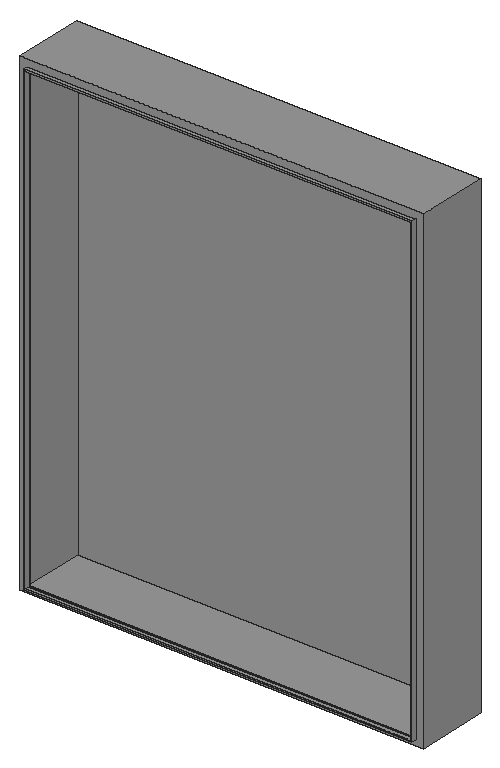
Revit family "Hager-Univers-IP30-D160-Cl.II-FWQ-encl-NoHosted-AT-de", category Equipement électrique, Revit 2020
Family settings
  Configuration du panneau = Deux colonnes, circuits au sein
  Cote de connecteur circulaire = Utiliser le diamètre
  Type d'élément = Tableau de raccordement
  Basée sur le plan de construction = Oui
  Toujours verticalement = Oui
  Couper avec des vides une fois chargée = Non
  Partagée = Non
  Point de calcul de pièce = Non
Parameters (values of type "Aufputz IP30 B800 H950 T160  - FWQ63D1")
  Width Control [instance] = if([EF000008 - Breite] > Min Width, [EF000008 - Breite], Min Width)  # 800 mm
  Commentaires du type = [HG000003 - Bereich]  # "Univers"
  Thickness Door [instance] = if([EF009171 - Materialstärke Tür/Deckel] > 3 mm, 3 mm, [EF009171 - Materialstärke Tür/Deckel])  # 2 mm
  Seal Frame Offset [instance] = 17 mm  # constant formula
  Plinth Visibility [instance] = [HG000027 - Sockelhöhe] > 0 mm  # no
  Min Width [instance] = 100 mm  # constant formula
  Min Depth [instance] = (2 * [EF009170 - Materialstärke Gehäuse]) + 1 mm  # 5 mm
  Min Height [instance] = 100 mm  # constant formula
  Internal Frame Depth [instance] = (Door System Depth * 0.5)  # 9 mm
  Panel Name [instance] = ""  # (empty or 0)
  Model = ""
  HG000027 - Sockelhöhe = 0 mm
  HG000026 - Stehend auf dem Boden = no
  HG000024 - Höhe des unteren Teils = 600 mm
  HG000023 - Gehäuse mit doppeltem Querschnitt = no
  HG000016 - 3D-Türsichtbarkeit [instance] = yes
  HG000015 - Sichtbarkeit der Türöffnung [instance] = no
  HG000014 - Tür rechts [instance] = yes
  HG000013 - Tür links [instance] = not([HG000014 - Tür rechts])  # no
  HG000012 - Türschwenkwinkel [instance] = 30.00°
  HG000010 - Asymmetrische Türen = no
  HG000009 - Doppelflügeligen Tür = no
  HG000006 - Unterputz = no
  HG000004 - Herstellerreferenz = "FWQ63D1"
  HG000003 - Bereich = "Univers"
  HG000002 - Mit tür = no
  Frame Offset Bottom [instance] = 10 mm  # constant formula
  Frame Offset [instance] = 15 mm  # constant formula
  EF015940 - Deckel mit Überdruckentlastung = no
  EF011959 - Schutzart (NEMA) = ""
  EF009554 - Anzahl der Öffnungen für Flanschplatten = 6
  EF009212 - Ausführung Deckel = "EV009916 - mit Ausschnitt"
  EF009171 - Materialstärke Tür/Deckel = 2 mm
  EF009170 - Materialstärke Gehäuse = 2 mm
  EF008873 - Nennstrom (In) = 125 A
  EF007800 - Geeignet für Blitzschutz = no
  EF006306 - Mit Schloss = no
  EF006244 - Transparenter Deckel/Tür = no
  EF005474 - Schutzart (IP) = "EV006410 - IP30"
  EF004464 - Art der Tür = "EV002646 - Einzel"
  EF004427 - Anzahl der Module = 216
  EF004293 - Schlagfestigkeit = ""
  EF003532 - Geeignet für Außengebrauch = no
  EF002950 - Breite in Teilungseinheiten = 36
  EF001613 - Funktionserhalt = "EV000494 - ohne"
  EF001596 - Werkstoff des Gehäuses = "EV000179 - Stahl"
  EF001131 - Innentiefe = 160 mm
  EF001088 - Anbaumöglichkeit = yes
  EF000437 - Anzahl der Leitungseinführungen = 12
  EF000339 - Art der Abdeckung = "EV001012 - Deckel"
  EF000266 - Anzahl der Reihen = 18
  EF000218 - Einbautiefe = 0 mm
  EF000118 - Mit Montageplatte = yes
  EF000116 - RAL-Nummer = "9010"
  EF000049 - Tiefe = 160 mm
  EF000040 - Höhe = 950 mm
  EF000008 - Breite = 800 mm
  EF000007 - Farbe = "EV000202 - weiß"
  EF000003 - Montageart = "EV000384 - Aufputz"
  Door System Leaf Tolerance [instance] = 1.5 mm  # constant formula
  Door System Depth [instance] = 18 mm  # constant formula
  Door Height [instance] = Height Control - [HG000027 - Sockelhöhe]  # 950 mm
  Description = ""
  Default Elevation = 1219.2 mm
  Connector Offset [instance] = Height Control / 2  # 475 mm
  Fabricant = "Hager"  # constant formula
  Height Control [instance] = if([EF000040 - Höhe] > Min Height, [EF000040 - Höhe], Min Height)  # 950 mm
  Depth Control [instance] = if([EF000049 - Tiefe] > Min Depth, [EF000049 - Tiefe], Min Depth)  # 160 mm
  Bottom Top Plate Trim [instance] = 1.5 mm  # constant formula
  Plinth height Ctrl [instance] = if([HG000027 - Sockelhöhe] > 0 mm, [HG000027 - Sockelhöhe], 12 mm)  # 12 mm
Types (13, lengths in mm): name | Width Control | HG000004 - Herstellerreferenz | EF009554 - Anzahl der Öffnungen für Flanschplatten | EF004464 - Art der Tür | EF004427 - Anzahl der Module | EF004293 - Schlagfestigkeit | EF002950 - Breite in Teilungseinheiten | EF001131 - Innentiefe | EF000437 - Anzahl der Leitungseinführungen | EF000339 - Art der Abdeckung | EF000266 - Anzahl der Reihen | EF000118 - Mit Montageplatte | EF000040 - Höhe | EF000008 - Breite | Door Height | Connector Offset | Height Control
  Aufputz IP30 B1050 H650 T160  - FWQ34D1 | 1050 | "FWQ34D1" | 8 | "EV002646 - Einzel" | 192 | "EV006815 - IK09" | 48 | 160 | 16 | "EV001012 - Deckel" | 16 | yes | 650 | 1050 | 650 | 325 | 650
  Aufputz IP30 B1050 H650 T160  - FWQ44D1 | 1050 | "FWQ44D1" | 8 | "EV002646 - Einzel" | 192 | "" | 48 | 160 | 16 | "EV001012 - Deckel" | 16 | yes | 650 | 1050 | 650 | 325 | 650
  Aufputz IP30 B1050 H800 T160  - FWQ54D1 | 1050 | "FWQ54D1" | 8 | "EV002646 - Einzel" | 240 | "" | 48 | 160 | 16 | "EV001012 - Deckel" | 20 | yes | 800 | 1050 | 800 | 400 | 800
  Aufputz IP30 B300 H650 T160  - FWQ41D1 | 300 | "FWQ41D1" | 2 | "EV002646 - Einzel" | 48 | "" | 12 | 160 | 4 | "EV001012 - Deckel" | 4 | yes | 650 | 300 | 650 | 325 | 650
  Aufputz IP30 B300 H950 T160  - FWQ61D1 | 300 | "FWQ61D1" | 2 | "EV002646 - Einzel" | 72 | "" | 12 | 160 | 4 | "EV001012 - Deckel" | 6 | yes | 950 | 300 | 950 | 475 | 950
  Aufputz IP30 B550 H1100 T160  - FWQ72D1 | 550 | "FWQ72D1" | 4 | "EV002646 - Einzel" | 168 | "" | 12 | 160 | 8 | "EV001012 - Deckel" | 14 | yes | 1100 | 550 | 1100 | 550 | 1100
  Aufputz IP30 B550 H650 T160  - FWQ42D1 | 550 | "FWQ42D1" | 4 | "EV002646 - Einzel" | 96 | "" | 24 | 160 | 8 | "EV001012 - Deckel" | 8 | yes | 650 | 550 | 650 | 325 | 650
  Aufputz IP30 B550 H800 T160  - FWQ52D1 | 550 | "FWQ52D1" | 4 | "EV002646 - Einzel" | 120 | "" | 24 | 160 | 8 | "EV001012 - Deckel" | 10 | yes | 800 | 550 | 800 | 400 | 800
  Aufputz IP30 B550 H950 T160  - FWQ62D1 | 550 | "FWQ62D1" | 4 | "EV002646 - Einzel" | 144 | "" | 24 | 160 | 8 | "EV001012 - Deckel" | 12 | yes | 950 | 550 | 950 | 475 | 950
  Aufputz IP30 B800 H500 T160  - FWQ33D1 | 800 | "FWQ33D1" | 6 | "EV000494 - ohne" | 108 | "" | 36 | 156 | 12 | "EV000494 - ohne" | 9 | no | 500 | 800 | 500 | 250 | 500
  Aufputz IP30 B800 H650 T160  - FWQ43D1 | 800 | "FWQ43D1" | 6 | "EV002646 - Einzel" | 144 | "" | 36 | 160 | 12 | "EV001012 - Deckel" | 12 | yes | 650 | 800 | 650 | 325 | 650
  Aufputz IP30 B800 H800 T160  - FWQ53D1 | 800 | "FWQ53D1" | 6 | "EV002646 - Einzel" | 180 | "" | 36 | 160 | 12 | "EV001012 - Deckel" | 15 | yes | 800 | 800 | 800 | 400 | 800
  Aufputz IP30 B800 H950 T160  - FWQ63D1 | 800 | "FWQ63D1" | 6 | "EV002646 - Einzel" | 216 | "" | 36 | 160 | 12 | "EV001012 - Deckel" | 18 | yes | 950 | 800 | 950 | 475 | 950
Reference planes
  plane 1 "Center (Front/Back)": y = 0
  plane 2: z = 0
  plane 3 "Center (Left/Right)": x = 0
  plane 4: y = 0
  plane 5: y = 0
  plane 6: z = 0
  plane 7: x = -400
  plane 8: x = 400
  plane 9: x = 398
  plane 10: x = -398
  plane 11: z = 0
  plane 12: z = 2
  plane 13: y = -160
  plane 14: y = -2
  plane 15: x = 0
  plane 16: y = -142
  plane 17: y = -158
  plane 18: y = -140
  plane 19: x = -383
  plane 20: x = 383
  plane 21: z = 12
  plane 22: x = -383
  plane 23: x = 383
  plane 24: z = 0
  plane 25: z = 950
  plane 26: z = 950
  plane 27: z = 933
  plane 28: z = 948
Forms (mm)
  Extrusion 1, solid, material "Hager_Steel_RAL7035_Light_Grey", detail levels medium+fine
    sketch origin (-208.679, -4572, 0) x (-1, 0, 0) y (0, -1, 0)
      loop
        line (191.321, -4430) -> (-608.679, -4430) -> (-608.679, -4572) -> (191.321, -4572) -> (191.321, -4430)
    from 0 to 950
  Extrusion 2, void
    sketch origin (-350.771, -160, 1219.2) x (1, 0, 0) y (0, 0, 1)
      loop
        line (-47.229, -271.2) -> (-47.229, -1217.2) -> (748.771, -1217.2) -> (748.771, -271.2) -> (-47.229, -271.2)
    from -20 to -158
  Extrusion 3, void
    sketch origin (-290.084, -142, 1219.2) x (1, 0, 0) y (0, 0, 1)
      loop
        line (-92.916, -1207.2) -> (673.084, -1207.2) -> (673.084, -286.2) -> (-92.916, -286.2) -> (-92.916, -1207.2)
    from 0 to -2
  Extrusion 4, solid, material "Hager_Steel_RAL7035_Light_Grey", visible <- "Plinth Visibility", detail levels medium+fine
    sketch origin (0, 0, 0) x (1, 0, 0) y (0, 1, 0)
      loop
        line (-400, 0) -> (-400, -142) -> (400, -142) -> (400, 0) -> (-400, 0)
    from 0 to 12 <- "Plinth height Ctrl"
  Extrusion 5, solid, material "Hager_Steel_RAL7035_Light_Grey", detail levels coarse
    sketch origin (0, 0, 0) x (1, 0, 0) y (0, 1, 0)
      loop
        line (-400, 0) -> (-400, -160) -> (400, -160) -> (400, 0) -> (-400, 0)
    from 0 to 950 <- "Height Control"
  Sweep 6, void
    path in 3D
      loop
        line (-400, -142, 12) -> (400, -142, 12) -> (400, 0, 12) -> (-400, 0, 12) -> (-400, -142, 12)
    profile origin (-400, -71, 12) x (1, 0, 0) y (0, 0, 1)
      loop
        line (0, 0) -> (0, -1.5) -> (1.5, -1.5)
        arc (1.5, -1.5) -> (1.061, -0.439) -> (0, 0) r 1.5
  Extrusion 7, solid, material "Hager_Steel_RAL7035_Light_Grey", detail levels fine
    sketch origin (-400, -142, 0) x (1, 0, 0) y (0, 0, 1)
      loop
        line (17, 12) -> (783, 12) -> (783, 933) -> (17, 933) -> (17, 12)
      loop
        line (15, 10) -> (785, 10) -> (785, 935) -> (15, 935) -> (15, 10)
    from 0 to 9 <- "Internal Frame Depth"
Cuts and joins
  Extrusion 2, Extrusion 3 cuts Extrusion 1
  Sweep 6 cuts Extrusion 4
Lines and regions (mm)
  Masking region 1
    outline origin (0, 0, 0) x (1, 0, 0) y (0, 1, 0)
      loop
        line (-400, 0) -> (-400, -160) -> (400, -160) -> (400, 0) -> (-400, 0)
  Masking region 2, detail levels coarse
    outline origin (-290.084, -142, 1219.2) x (-1, 0, 0) y (0, 0, 1)
      loop
        line (-690.084, -1219.2) -> (109.916, -1219.2) -> (109.916, -269.2) -> (-690.084, -269.2) -> (-690.084, -1219.2)
  Masking region 3, detail levels coarse
    outline origin (0, 0, 0) x (0, 1, 0) y (0, 0, 1)
      loop
        line (0, 0) -> (0, 950) -> (-160, 950) -> (-160, 0) -> (0, 0)
  Masking region 4, visible <- "Plinth Visibility", detail levels medium+fine
    outline origin (0, 0, 0) x (0, 1, 0) y (0, 0, 1)
      loop
        line (-1.5, 12) -> (-140.5, 12)
        arc (-140.5, 12) -> (-140.939, 10.939) -> (-142, 10.5) r 1.5
        line (-142, 10.5) -> (-142, 0) -> (0, 0) -> (0, 10.5)
        arc (0, 10.5) -> (-1.061, 10.939) -> (-1.5, 12) r 1.5
  Masking region 5, detail levels medium+fine
    outline origin (0, 0, 594.038) x (0, 1, 0) y (0, 0, 1)
      loop
        line (0, -594.038) -> (0, 355.962) -> (-142, 355.962) -> (-142, -594.038) -> (0, -594.038)
  Masking region 6, detail levels medium+fine
    outline origin (-359.7, -142, 1211.883) x (-1, 0, 0) y (0, 0, 1)
      loop
        line (-759.7, -1211.883) -> (40.3, -1211.883) -> (40.3, -261.883) -> (-759.7, -261.883) -> (-759.7, -1211.883)
  Masking region 7, visible <- "Plinth Visibility", detail levels medium+fine
    outline origin (-320.334, -142, 1041.368) x (-1, 0, 0) y (0, 0, 1)
      loop
        line (-720.334, -1041.368) -> (79.666, -1041.368) -> (79.666, -1030.868)
        arc (79.666, -1030.868) -> (78.606, -1030.429) -> (78.166, -1029.368) r 1.5
        line (78.166, -1029.368) -> (-718.834, -1029.368)
        arc (-718.834, -1029.368) -> (-719.273, -1030.429) -> (-720.334, -1030.868) r 1.5
        line (-720.334, -1030.868) -> (-720.334, -1041.368)
  sketch lines
    curve 1: line (-400, 0, 12) -> (-400, -142, 12)
    curve 2: line (-400, -142, 12) -> (400, -142, 12)
    curve 3: line (400, 0, 12) -> (-400, 0, 12)
    curve 4: line (400, -142, 12) -> (400, 0, 12)
Dimensions and locks
  locked: plane 1 "Center (Front/Back)" to plane 5
  "EF009170 - Materialstärke Gehäuse": plane 7 to plane 10
  "EF009170 - Materialstärke Gehäuse": plane 8 to plane 9
  equal spacing: plane 7, plane 3 "Center (Left/Right)", plane 8
  "Width Control": plane 7 to plane 8
  "Depth Control": plane 4 to plane 13
  "EF009170 - Materialstärke Gehäuse": plane 4 to plane 14
  "Height Control": plane 25 to level
  "HG000027 - Sockelhöhe": plane 11 to level
  "EF009170 - Materialstärke Gehäuse": plane 12 to plane 11
  "EF009170 - Materialstärke Gehäuse": plane 17 to plane 13
  "EF009170 - Materialstärke Gehäuse": plane 18 to plane 16
  "Frame Offset Bottom": plane 21 to plane 12
  "Frame Offset": plane 10 to plane 19
  "Frame Offset": plane 9 to plane 20
  "Door System Depth": plane 16 to plane 13
  "Seal Frame Offset": plane 7 to plane 22
  "Seal Frame Offset": plane 8 to plane 23
  "EF009170 - Materialstärke Gehäuse": plane 26 to plane 28
  "Frame Offset": plane 28 to plane 27
  "Connector Offset": plane 2 to connector elem
  "Bottom Top Plate Trim": profile plane to Sweep 6 sketch curve
  "Bottom Top Plate Trim": Sweep 6 sketch curve to Sweep 6 sketch curve
  "Plinth height Ctrl": Masking region 4 sketch curve to level
  "Plinth height Ctrl": Masking region 7 sketch curve to level
  "Thickness Door": Extrusion 7 sketch curve to Extrusion 7 sketch curve  (x4)
  "Bottom Top Plate Trim": radius of Sweep 6 sketch curve
  "Bottom Top Plate Trim": radius of Masking region 4 sketch curve  (x2)
  "Bottom Top Plate Trim": radius of Masking region 7 sketch curve  (x2)
  aligned and locked: Extrusion 2 sketch curve to plane 12
  aligned and locked: Extrusion 2 sketch curve to plane 9
  aligned and locked: Extrusion 2 sketch curve to plane 10
  aligned and locked: Extrusion 2 to plane 14
  aligned and locked: Extrusion 1 sketch curve to plane 4
  aligned and locked: plane 8 to Extrusion 1 sketch curve
  aligned and locked: plane 7 to Extrusion 1 sketch curve
  aligned and locked: Extrusion 2 to plane 18
  aligned and locked: Extrusion 3 sketch curve to plane 19
  aligned and locked: plane 20 to Extrusion 3 sketch curve
  aligned and locked: Extrusion 3 to Extrusion 2
  aligned and locked: Extrusion 3 sketch curve to plane 21
  aligned and locked: plane 3 "Center (Left/Right)" to nested 1
  aligned and locked: Extrusion 1 sketch curve to plane 16
  aligned and locked: Extrusion 4 sketch curve to cut or joined group of Extrusion 1, Extrusion 2, Extrusion 3
  aligned and locked: Masking region 1 sketch curve to plane 7
  aligned and locked: Masking region 1 sketch curve to plane 5
  aligned and locked: Masking region 1 sketch curve to plane 8
  aligned and locked: Masking region 2 sketch curve to level
  aligned and locked: level to Masking region 3 sketch curve
  aligned and locked: plane 1 "Center (Front/Back)" to Masking region 3 sketch curve
  aligned and locked: plane 13 to Masking region 3 sketch curve
  aligned and locked: plane 5 to Masking region 4 sketch curve
  aligned and locked: Masking region 2 sketch curve to plane 8
  aligned and locked: Masking region 2 sketch curve to plane 7
  aligned and locked: plane 7 to nested 2
  aligned and locked: nested 2 to plane 5
  aligned and locked: plane 5 to Masking region 5 sketch curve
  aligned and locked: plane 26 to Masking region 5 sketch curve
  aligned and locked: Extrusion 5 sketch curve to plane 8
  aligned and locked: Extrusion 5 sketch curve to plane 7
  aligned and locked: Extrusion 5 sketch curve to plane 5
  aligned and locked: Extrusion 3 sketch curve to plane 27
  aligned and locked: Extrusion 2 sketch curve to plane 28
  aligned and locked: Masking region 2 to plane 25
  aligned and locked: Extrusion 4 to plane 16
  aligned and locked: profile plane to Sweep 6 sketch curve
  aligned and locked: Masking region 5 sketch curve to plane 24
  aligned and locked: level to Masking region 4 sketch curve
  aligned and locked: Masking region 1 to plane 13
  aligned and locked: nested 1 to plane 16
  aligned and locked: Masking region 3 to plane 25
  aligned and locked: plane 16 to Masking region 4 sketch curve
  aligned and locked: Masking region 5 sketch curve to plane 16
  aligned and locked: plane 24 to plane 11
  aligned and locked: plane 26 to plane 25
  aligned and locked: plane 26 to cut or joined group of Extrusion 1, Extrusion 2, Extrusion 3
  aligned and locked: nested 1 to plane 24
  aligned and locked: Extrusion 1 to Extrusion 3
  aligned and locked: Masking region 6 sketch curve to plane 8
  aligned and locked: Masking region 6 sketch curve to plane 24
  aligned and locked: Masking region 6 sketch curve to plane 7
  aligned and locked: Masking region 6 sketch curve to plane 26
  aligned and locked: Masking region 7 sketch curve to plane 7
  aligned and locked: level to Masking region 7 sketch curve
  aligned and locked: Masking region 7 sketch curve to plane 8
  aligned and locked: Extrusion 7 sketch curve to cut or joined group of Extrusion 1, Extrusion 2, Extrusion 3  (x4)
Automatic sketch dimensions
  plane 19 to Extrusion 3 sketch curve = 0 mm
  Extrusion 3 sketch curve to plane 20 = 0 mm
  Extrusion 3 sketch curve to plane 21 = 0 mm
  Extrusion 4 sketch curve to plane 7 = 0 mm
  Extrusion 4 sketch curve to plane 8 = 0 mm
  Extrusion 4 sketch curve to plane 16 = 0 mm
  Masking region 1 sketch curve to plane 13 = 0 mm
  Masking region 2 sketch curve to plane 25 = 0 mm
  Masking region 3 sketch curve to plane 25 = 0 mm
  Extrusion 5 sketch curve to plane 13 = 0 mm
  profile plane to Sweep 6 sketch curve = 0 mm
Nested families
  nested 1: "EC000058_Univers_Door" at (0, -142, 0), Double <- "HG000009 - Doppelflügeligen Tür", Transparent <- "EF006244 - Transparenter Deckel/Tür", Angle <- "HG000012 - Türschwenkwinkel", Door_Right <- "HG000014 - Tür rechts", Assymetrical <- "HG000010 - Asymmetrische Türen", Door <- "HG000002 - Mit tür", Width_Ctrl <- "Width Control", 3d_Door <- "HG000016 - 3D-Türsichtbarkeit", Clearance <- "HG000015 - Sichtbarkeit der Türöffnung", Door_Left <- "HG000013 - Tür links", Width <- "Width Control", Door_Depth <- "Door System Depth", Leaf_Tolerance <- "Door System Leaf Tolerance", Height <- "Door Height", Lock_Visibility <- "EF006306 - Mit Schloss", Thickness <- "Thickness Door", type "EC000058_Univers_Door", detail levels medium+fine
    with min_wh 5 mm, Width_Ctrl 800 mm, Width 800 mm, Transparent no, Thickness 2 mm, Seal_Material Hager_Rubber, Lock_Visibility no, Lock_Material Hager_Plastic_RAL9005_Jet_Black, Leaf_Width 800 mm, Leaf_Tolerance_External_Sides 0 mm, Leaf_Tolerance 1.5 mm, Leaf_Offset 0 mm, Leaf_Height 947 mm, Leaf_2_Width 800 mm, Leaf_2_Offset 400 mm, Leaf_1_Width 800 mm, Leaf_1_Offset 400 mm, Height_Ctrl 950 mm, Height 950 mm, Glass_Material Hager_Glass, Double_Clearance_Ctrl no, Double no, Door_Right_Ctrl no, Door_Right yes, Door_Material Hager_Steel_RAL7035_Light_Grey, Door_Left_Ctrl no, Door_Left no, Door_Depth 18 mm, Door no, Clearance_Material Hager_Clearance, Clearance_Depth 800 mm, Clearance_Ctrl no, Clearance no, Assymetrical no, Angle 30.00°, 3d_Door yes
  nested 2: "Hager_Enclosure_Symbol" at (-400, 0, 0), Height <- "Depth Control", Width <- "Width Control", type "Hager_Enclosure_Symbol"
    with Width_Ctrl 800 mm, Width 800 mm, Height_Ctrl 160 mm, Height 160 mm, A_Width_Int 10.5 mm, A_Width 126 mm, A_Height_Ctrl 140 mm, A_Height 140 mm
Connectors
  electrical at (0, 0, 475)
    settings: on plane 1 "Center (Front/Back)", index 1, voltage 0 V, apparent load 0 VA, apparent load phase1 0 VA, apparent load phase2 0 VA, apparent load phase3 0 VA, power factor 1, load classification "Other", number of poles 1, system type 30, power factor state 1, is connector primary yes, connector utility no, sub classification motor no, connector description ""
Definition of nested family "EC000058_Univers_Door"
  Parameters (values of type "EC000058_Univers_Door")
    min_wh [instance] = (2 * Thickness) + 1 mm  # 11 mm
    Width_Ctrl [instance] = 400 mm
    Width [instance] = 500 mm
    Transparent [instance] = yes
    Thickness [instance] = 5 mm
    Seal_Material [instance] = none
    Lock_Visibility [instance] = yes
    Lock_Material [instance] = none
    Leaf_Width [instance] = if((Width_Ctrl - 2 * Leaf_Tolerance_External_Sides) > 0 mm, (Width_Ctrl - 2 * Leaf_Tolerance_External_Sides), min_wh)  # 400 mm
    Leaf_Tolerance_External_Sides [instance] = 0 mm  # constant formula
    Leaf_Tolerance [instance] = 1.5 mm
    Leaf_Offset [instance] = 0 mm  # constant formula
    Leaf_Height [instance] = if((Height_Ctrl - 2 * Leaf_Tolerance) > 0 mm, (Height_Ctrl - 2 * Leaf_Tolerance), min_wh)  # 497 mm
    Leaf_2_Width [instance] = if(and(and(Double, Assymetrical), Door_Left), (Leaf_Width / 3) - (Leaf_Tolerance / 2), if(and(and(Double, Assymetrical), Door_Right), (Leaf_Width / 3) * 2 - (Leaf_Tolerance / 2), if(and(Double, not(Assymetrical)), (Leaf_Width / 2) - Leaf_Tolerance, Leaf_Width)))  # 400 mm
    Leaf_2_Offset [instance] = if(and(Double, Assymetrical), Leaf_2_Width / 2, if(and(Double, not(Assymetrical)), Leaf_Width / 4, Leaf_Width / 2))  # 200 mm
    Leaf_1_Width [instance] = if(and(and(Double, Assymetrical), Door_Right), (Leaf_Width / 3) - (Leaf_Tolerance / 2), if(and(and(Double, Assymetrical), Door_Left), (Width / 3) * 2 - (Leaf_Tolerance / 2), if(and(Double, not(Assymetrical)), (Leaf_Width / 2) - Leaf_Tolerance, Leaf_Width)))  # 400 mm
    Leaf_1_Offset [instance] = if(and(Double, Assymetrical), Leaf_1_Width / 2, if(and(Double, not(Assymetrical)), Leaf_Width / 4, Leaf_Width / 2))  # 200 mm
    Height_Ctrl [instance] = if(Height > min_wh, Height, min_wh)  # 500 mm
    Height [instance] = 500 mm
    Glass_Material [instance] = none
    Double_Clearance_Ctrl [instance] = and(Double, Clearance)  # no
    Double [instance] = no
    Door_Right_Ctrl [instance] = and(or(Door_Right, Double), Door)  # yes
    Door_Right [instance] = yes
    Door_Material [instance] = none
    Door_Left_Ctrl [instance] = and(or(Door_Left, Double), Door)  # no
    Door_Left [instance] = no
    Door_Depth [instance] = 30 mm
    Door [instance] = yes
    Default Elevation = 1219.2 mm
    Clearance_Material [instance] = none
    Clearance_Depth [instance] = if(Leaf_1_Width > Leaf_2_Width, Leaf_1_Width, Leaf_2_Width)  # 400 mm
    Clearance_Ctrl [instance] = and(not(Double), Clearance)  # yes
    Clearance [instance] = yes
    Assymetrical [instance] = yes
    Angle [instance] = 30.00°
    3d_Door [instance] = yes
  Reference planes
    plane 1 "Center (Front/Back)": y = 0
    plane 2 "Bottom": z = 0
    plane 3 "Center (Left/Right)": x = 0
    plane 4: z = 500
    plane 5: x = -200
    plane 6: x = 200
    plane 7: z = 500
    plane 8: x = -200
    plane 9: z = 0
    plane 10: x = 200
    plane 11: y = 0
    plane 12: z = 1.5
    plane 13: x = -600
    plane 14: y = -400
    plane 15: x = 600
    plane 16: x = 0
    plane 17: x = 0
    plane 18: x = -200
    plane 19: x = 200
    plane 20: z = 498.5
  Forms (mm)
    Extrusion 1, solid, material <- "Clearance_Material", visible <- "Double_Clearance_Ctrl"
      sketch origin (1200, 0, 0) x (1, 0, 0) y (0, 0, -1)
        loop
          line (-1800, -498.5) -> (-600, -498.5) -> (-600, 0) -> (-1800, 0) -> (-1800, -498.5)
      from 0 to -400
  Dimensions and locks
    equal spacing: plane 5, plane 3 "Center (Left/Right)", plane 6
    "Width_Ctrl": plane 5 to plane 6
    "Leaf_Offset": plane 5 to plane 8
    "Leaf_Offset": plane 6 to plane 10
    "Leaf_Offset": plane 9 to level
    "Leaf_Offset": plane 4 to plane 7
    "Height_Ctrl": plane 4 to level
    "Leaf_Tolerance": plane 12 to plane 9
    locked: plane 11 to plane 1 "Center (Front/Back)"
    "Leaf_1_Offset": plane 18 to plane 16
    "Leaf_2_Offset": plane 17 to plane 19
    "Leaf_1_Width": plane 13 to plane 8
    "Leaf_2_Width": plane 10 to plane 15
    "Clearance_Depth": plane 14 to plane 1 "Center (Front/Back)"
    "Leaf_Tolerance_External_Sides": plane 8 to plane 18
    "Leaf_Tolerance_External_Sides": plane 19 to plane 10
    "Leaf_Tolerance": plane 7 to plane 20
    aligned and locked: level to plane 2 "Bottom"
    aligned and locked: nested 1 to plane 16
    aligned and locked: nested 2 to plane 17
    aligned and locked: Extrusion 1 to plane 13
    aligned and locked: plane 15 to Extrusion 1
    aligned and locked: Extrusion 1 to plane 14
    aligned and locked: plane 12 to nested 1
    aligned and locked: nested 2 to plane 12
    aligned and locked: Extrusion 1 to plane 11
    aligned and locked: plane 20 to Extrusion 1
    aligned and locked: nested 2 to plane 11
    aligned and locked: nested 1 to plane 11
  Automatic sketch dimensions
    Extrusion 1 sketch curve to level = 0 mm
    plane 5 to Extrusion 1 sketch curve = 400 mm
    plane 6 to Extrusion 1 sketch curve = 400 mm
    Extrusion 1 sketch curve to plane 4 = 1.5 mm
  Nested families
    nested 1: "EC000058_Univers_Door_Leaf" at (0, 0, 1.5), Width <- "Leaf_1_Width", visible <- "Door_Left_Ctrl", Leaf_Height <- "Leaf_Height", Angle <- "Angle", 3d_Door <- "3d_Door", Transparent <- "Transparent", Clearance Material <- "Clearance_Material", Clearance <- "Clearance_Ctrl", Door_Material <- "Door_Material", Glass_Material <- "Glass_Material", Door_Depth <- "Door_Depth", Lock_Material <- "Lock_Material", Seal_Material <- "Seal_Material", Lock_Visibility <- "Lock_Visibility", Thickness <- "Thickness", type "EC000058_Univers_Door_Leaf"
      with Width 400 mm, Transparent_Glass_Offset 30 mm, Transparent_Ctrl yes, Transparent yes, Thickness 5 mm, Standard no, Seal_Material none, Seal_D2 8 mm, Seal_D1 1 mm, Offset_Internal_Frame 10 mm, Lock_Width 20 mm, Lock_Visibility_3d yes, Lock_Visibility yes, Lock_Thickness_3 3 mm, Lock_Thickness_2 1 mm, Lock_Thickness_1 3 mm, Lock_Radius_Offset_2 16 mm, Lock_Radius_Offset_1 15 mm, Lock_Radius_2 5 mm, Lock_Radius 6 mm, Lock_Offset 5 mm, Lock_Material none, Lock_Height 80 mm, Lock_Cover_Top_Offset_2d 17 mm, Lock_Cover_Height -65 mm, Leaf_Height 497 mm, Internal_Seal_Thickness 8 mm, Internal_Seal_Depth_2 4.5 mm, Internal_Frame_Depth 25 mm, Glass_Thickness -1 mm, Glass_Offset -2 mm, Glass_Material none, Door_Material none, Door_Depth 30 mm, Clearance Material none, Clearance yes, Angle_Ctrl 30.00°, Angle 30.00°, 3d_Door yes
    nested 2: "EC000058_Univers_Door_Leaf" at (0, 0, 1.5) x (-1, 0, 0) z (0, 0, 1), Width <- "Leaf_2_Width", visible <- "Door_Right_Ctrl", Leaf_Height <- "Leaf_Height", Angle <- "Angle", 3d_Door <- "3d_Door", Transparent <- "Transparent", Clearance Material <- "Clearance_Material", Clearance <- "Clearance_Ctrl", Door_Material <- "Door_Material", Glass_Material <- "Glass_Material", Door_Depth <- "Door_Depth", Lock_Material <- "Lock_Material", Seal_Material <- "Seal_Material", Lock_Visibility <- "Lock_Visibility", Thickness <- "Thickness", type "EC000058_Univers_Door_Leaf"
      with Width 400 mm, Transparent_Glass_Offset 30 mm, Transparent_Ctrl yes, Transparent yes, Thickness 5 mm, Standard no, Seal_Material none, Seal_D2 8 mm, Seal_D1 1 mm, Offset_Internal_Frame 10 mm, Lock_Width 20 mm, Lock_Visibility_3d yes, Lock_Visibility yes, Lock_Thickness_3 3 mm, Lock_Thickness_2 1 mm, Lock_Thickness_1 3 mm, Lock_Radius_Offset_2 16 mm, Lock_Radius_Offset_1 15 mm, Lock_Radius_2 5 mm, Lock_Radius 6 mm, Lock_Offset 5 mm, Lock_Material none, Lock_Height 80 mm, Lock_Cover_Top_Offset_2d 17 mm, Lock_Cover_Height -65 mm, Leaf_Height 497 mm, Internal_Seal_Thickness 8 mm, Internal_Seal_Depth_2 4.5 mm, Internal_Frame_Depth 25 mm, Glass_Thickness -1 mm, Glass_Offset -2 mm, Glass_Material none, Door_Material none, Door_Depth 30 mm, Clearance Material none, Clearance yes, Angle_Ctrl 30.00°, Angle 30.00°, 3d_Door yes
  Definition of nested family "EC000058_Univers_Door_Leaf"
    Parameters (values of type "EC000058_Univers_Door_Leaf")
      Width [instance] = 2000 mm
      Transparent_Glass_Offset [instance] = 30 mm
      Transparent_Ctrl [instance] = and(Transparent, [3d_Door])  # yes
      Transparent [instance] = yes
      Thickness [instance] = 5 mm
      Standard [instance] = and(not(Transparent), [3d_Door])  # no
      Seal_Material [instance] = none
      Seal_D2 [instance] = 8 mm  # constant formula
      Seal_D1 [instance] = 1 mm  # constant formula
      Offset_Internal_Frame [instance] = 10 mm  # constant formula
      Lock_Width [instance] = 20 mm  # constant formula
      Lock_Visibility_3d [instance] = and(Lock_Visibility, [3d_Door])  # yes
      Lock_Visibility [instance] = yes
      Lock_Thickness_3 [instance] = 3 mm  # constant formula
      Lock_Thickness_2 [instance] = 1 mm  # constant formula
      Lock_Thickness_1 [instance] = 3 mm  # constant formula
      Lock_Radius_Offset_2 [instance] = Lock_Radius_Offset_1 + 1 mm  # 16 mm
      Lock_Radius_Offset_1 [instance] = 15 mm  # constant formula
      Lock_Radius_2 [instance] = Lock_Radius - 1 mm  # 5 mm
      Lock_Radius [instance] = 6 mm  # constant formula
      Lock_Offset [instance] = 5 mm  # constant formula
      Lock_Material [instance] = none
      Lock_Height [instance] = 80 mm  # constant formula
      Lock_Cover_Top_Offset_2d [instance] = Lock_Radius_Offset_2 + 1 mm  # 17 mm
      Lock_Cover_Height [instance] = -(Lock_Height - Lock_Radius_Offset_1)  # -65 mm
      Leaf_Height [instance] = 2720.336 mm
      Internal_Seal_Thickness [instance] = 8 mm  # constant formula
      Internal_Seal_Depth_2 [instance] = 4.5 mm  # constant formula
      Internal_Frame_Depth [instance] = if(Door_Depth - Thickness > 5 mm, Door_Depth - Thickness, 5 mm)  # 25 mm
      Glass_Thickness [instance] = if(Thickness > 15 mm, Glass_Offset + 10 mm, -1 mm)  # -1 mm
      Glass_Offset [instance] = if(Thickness > 15 mm, -(Thickness + 10 mm) / 2, -2 mm)  # -2 mm
      Glass_Material [instance] = none
      Door_Material [instance] = none
      Door_Depth [instance] = 30 mm
      Default Elevation = 0 mm
      Clearance Material [instance] = none
      Clearance [instance] = yes
      Angle_Ctrl [instance] = if(Angle > 180.00°, 180.00°, Angle)  # 90.00°
      Angle [instance] = 90.00°
      3d_Door [instance] = yes
    Reference planes
      plane 1 "Center (Front/Back)": y = 0
      plane 2: z = 0
      plane 3 "Center (Left/Right)": x = 0
      plane 4: y = 2000
      plane 5: x = -1000
      plane 6: x = 1000
      plane 7: x = -3000
      plane 8: z = 2720.336
      plane 9: z = 30
      plane 10: z = 2690.336
      plane 11: x = 970
      plane 12: x = -970
      plane 13: y = -3
      plane 14: z = 107.833
      plane 15: y = -5
      plane 16: y = -223.314
      plane 17: x = -1000
      plane 18: z = 1360.168
      plane 19: y = 30
    Forms (mm)
      Extrusion 1, solid, material <- "Clearance Material", visible <- "Clearance"
        sketch origin (0, 0, 0) x (1, 0, 0) y (0, 0, 1)
          loop
            line (-3000, 2720.336) -> (-3000, 0) -> (1000, 0) -> (1000, 2720.336) -> (-3000, 2720.336)
        from 0 to -2000
      Extrusion 2, solid, material <- "Door_Material", visible <- "Standard", detail levels medium+fine
        sketch origin (-1000, 0, 0) x (0, 1, 0) y (-1, 0, 0)
          loop
            line (0, 30) -> (0, 25) -> (2000, 25) -> (2000, 30) -> (0, 30)
        from 0 to 2720.336 <- "Leaf_Height"
      Extrusion 3, solid, material <- "Door_Material", visible <- "Transparent_Ctrl", detail levels medium+fine
        sketch origin (-1000, 0, 0) x (0, 1, 0) y (-1, 0, 0)
          loop
            line (0, 25) -> (2000, 25) -> (2000, 30) -> (0, 30) -> (0, 25)
        from 0 to 2720.336 <- "Leaf_Height"
      Extrusion 4, void
        sketch origin (-1025, 2000, 0) x (0, 1, 0) y (0, 0, -1)
          loop
            line (-30, -2690.336) -> (-30, -30) -> (-1970, -30) -> (-1970, -2690.336) -> (-30, -2690.336)
        from 0 to 5 <- "Thickness"
      Sweep 5, solid, material <- "Seal_Material", visible <- "Transparent_Ctrl", detail levels fine
        path in 3D
          loop
            line (-1025, 30, 30) -> (-1025, 30, 2690.336) -> (-1025, 1970, 2690.336) -> (-1025, 1970, 30) -> (-1025, 30, 30)
        profile origin (-1025, 1000, 30) x (1, 0, 0) y (0, 0, 1)
          loop
            line (0, 0) -> (0, -8) -> (1, -8) -> (1, 0) -> (0, 0)
      Extrusion 6, solid, material <- "Glass_Material", visible <- "Transparent_Ctrl", detail levels medium+fine
        sketch origin (-1030, 0, 0) x (0, 1, 0) y (0, 0, -1)
          loop
            line (1970, -2690.336) -> (1970, -30) -> (30, -30) -> (30, -2690.336) -> (1970, -2690.336)
        from -2 <- "Glass_Offset" to -1 <- "Glass_Thickness"
      Extrusion 7, solid, material <- "Door_Material", visible <- "3d_Door", detail levels medium+fine
        sketch origin (-1025, 2000, 0) x (0, -1, 0) y (0, 0, -1)
          loop
            line (0, -2720.336) -> (2000, -2720.336) -> (2000, 0) -> (0, 0) -> (0, -2720.336)
          loop
            line (1995, -5) -> (5, -5) -> (5, -2715.336) -> (1995, -2715.336) -> (1995, -5)
        from 0 to 25 <- "Internal_Frame_Depth"
      Sweep 8, solid, material <- "Seal_Material", visible <- "Transparent_Ctrl", detail levels fine
        path in 3D
          loop
            line (-1025, 0, 0) -> (-1025, 2000, 0) -> (-1025, 2000, 2720.336) -> (-1025, 0, 2720.336) -> (-1025, 0, 0)
        profile origin (-1025, 0, 1360.168) x (1, 0, 0) y (0, 1, 0)
          loop
            line (0, 10) -> (2.975, 10)
            arc (2.975, 10) -> (4.053, 10.447) -> (4.5, 11.525) r 1.525
            line (4.5, 11.525) -> (4.5, 16.527)
            arc (4.5, 16.527) -> (4.069, 17.569) -> (3.027, 18) r 1.473
            line (3.027, 18) -> (0, 18) -> (0, 10)
      Extrusion 9, solid, material <- "Lock_Material", visible <- "Lock_Visibility_3d", detail levels fine
        sketch origin (-1030, 0, 0) x (0, 1, 0) y (0, 0, -1)
          loop
            arc (1993.5, -1400.168) -> (1994.561, -1399.729) -> (1995, -1398.668) r 1.5
            line (1995, -1398.668) -> (1995, -1320.168) -> (1975, -1320.168) -> (1975, -1398.668)
            arc (1975, -1398.668) -> (1975.439, -1399.729) -> (1976.5, -1400.168) r 1.5
            line (1976.5, -1400.168) -> (1993.5, -1400.168)
        from 3 <- "Lock_Thickness_1" to 0
      Blend 10, solid, material <- "Lock_Material", visible <- "Lock_Visibility_3d", detail levels fine
        base sketch origin (-1033, 0, 0) x (0, 1, 0) y (0, 0, -1)
          loop
            line (1975, -1320.168) -> (1975, -1398.668)
            arc (1975, -1398.668) -> (1975.439, -1399.729) -> (1976.5, -1400.168) r 1.5
            line (1976.5, -1400.168) -> (1993.5, -1400.168)
            arc (1993.5, -1400.168) -> (1994.561, -1399.729) -> (1995, -1398.668) r 1.5
            line (1995, -1398.668) -> (1995, -1320.168) -> (1975, -1320.168)
        top sketch origin (-1033, 0, 0) x (0, 1, 0) y (0, 0, -1)
          loop
            line (1976, -1320.168) -> (1976, -1398.668)
            arc (1976, -1398.668) -> (1976.146, -1399.022) -> (1976.5, -1399.168) r 0.5
            line (1976.5, -1399.168) -> (1993.5, -1399.168)
            arc (1993.5, -1399.168) -> (1993.854, -1399.022) -> (1994, -1398.668) r 0.5
            line (1994, -1398.668) -> (1994, -1320.168) -> (1976, -1320.168)
        from 0 to 1 <- "Lock_Thickness_2"
      Blend 11, solid, material <- "Lock_Material", visible <- "Lock_Visibility_3d", detail levels fine
        base sketch origin (-1034, 0, 0) x (0, 1, 0) y (0, 0, -1)
          loop
            line (1978, -1320.168) -> (1978, -1384.168)
            arc (1978, -1384.168) -> (1985, -1391.168) -> (1992, -1384.168) r 7
            line (1992, -1384.168) -> (1992, -1320.168) -> (1978, -1320.168)
        top sketch origin (-1034, 0, 0) x (0, 1, 0) y (0, 0, -1)
          loop
            line (1991, -1320.168) -> (1979, -1320.168) -> (1979, -1383.168)
            arc (1979, -1383.168) -> (1985, -1389.168) -> (1991, -1383.168) r 6
            line (1991, -1383.168) -> (1991, -1320.168)
        from 0 to 3 <- "Lock_Thickness_3"
      Extrusion 12, solid, material <- "Lock_Material", visible <- "Lock_Visibility_3d", detail levels fine
        sketch origin (-1030, 1975, 1320.168) x (1, 0, 0) y (0, -1, 0)
          loop
            line (-7, -19) -> (-7, -1) -> (0, -1) -> (0, 0) -> (-8, 0) -> (-8, -20) -> (0, -20) -> (0, -19) -> (-7, -19)
        from 0 to -65 <- "Lock_Cover_Height"
      Extrusion 13, void
        sketch origin (-1038, 1995, 1320.168) x (-1, 0, 0) y (0, 0, -1)
          loop
            line (-5, -65) -> (0, -65) -> (-5, -60) -> (-5, -65)
        from 0 to 20 <- "Lock_Width"
      Extrusion 14, void
        sketch origin (-1038, 1975, 1320.168) x (0, -1, 0) y (0, 0, -1)
          loop
            circle (-10, -15.995) r 6
          loop
            circle (-10, -15.995) r 5
        from 0 to 2
      Extrusion 15, solid, material <- "Lock_Material", visible <- "Lock_Visibility_3d", detail levels medium
        sketch origin (-1030, 0, 0) x (0, 1, 0) y (0, 0, -1)
          loop
            arc (1993.5, -1400.168) -> (1994.561, -1399.729) -> (1995, -1398.668) r 1.5
            line (1995, -1398.668) -> (1995, -1320.168) -> (1975, -1320.168) -> (1975, -1398.668)
            arc (1975, -1398.668) -> (1975.439, -1399.729) -> (1976.5, -1400.168) r 1.5
            line (1976.5, -1400.168) -> (1993.5, -1400.168)
        from 8 to 0
    Cuts and joins
      Extrusion 4 cuts Extrusion 3
      Extrusion 13, Extrusion 14 cuts Extrusion 9
      Extrusion 14 cuts Blend 11
      Extrusion 13, Extrusion 14 cuts Extrusion 12
      joined: Extrusion 9, Blend 10, Blend 11, Extrusion 12
      Extrusion 14 cuts Extrusion 15
    Lines and regions (mm)
      Masking region 1, visible <- "Lock_Visibility", detail levels fine
        outline origin (0, 0, 0) x (0, 1, 0) y (0, 0, 1)
          loop
            line (30, 1320.168) -> (33, 1320.168) -> (33, 1400.168) -> (30, 1400.168) -> (30, 1320.168)
      Masking region 2, visible <- "Lock_Visibility", detail levels fine
        outline origin (0, 3.143, 0) x (0, 1, 0) y (0, 0, 1)
          loop
            line (29.857, 1354.168) -> (30.857, 1354.168) -> (30.857, 1366.168) -> (29.857, 1366.168) -> (29.857, 1354.168)
      Masking region 3, detail levels medium+fine
        outline origin (0, 0, 0) x (0, 1, 0) y (0, 0, 1)
          loop
            line (0, 0) -> (30, 0) -> (30, 2720.336) -> (0, 2720.336) -> (0, 0)
      Masking region 4, detail levels medium+fine
        outline origin (0, 0, 0) x (1, 0, 0) y (0, 0, 1)
          loop
            line (-1000, 2720.336) -> (-1000, 0) -> (1000, 0) -> (1000, 2720.336) -> (-1000, 2720.336)
      Masking region 5, visible <- "Lock_Visibility", detail levels fine
        outline origin (-47.116, 0, 0) x (1, 0, 0) y (0, 0, 1)
          loop
            arc (1024.616, 1399.168) -> (1023.556, 1398.729) -> (1023.116, 1397.668) r 1.5
            line (1023.116, 1397.668) -> (1023.116, 1320.168) -> (1041.116, 1320.168) -> (1041.116, 1397.668)
            arc (1041.116, 1397.668) -> (1040.677, 1398.729) -> (1039.616, 1399.168) r 1.5
            line (1039.616, 1399.168) -> (1024.616, 1399.168)
      Masking region 6, visible <- "Lock_Visibility", detail levels medium+fine
        outline origin (-25, 0, 0) x (1, 0, 0) y (0, 0, 1)
          loop
            arc (1001.5, 1400.168) -> (1000.439, 1399.729) -> (1000, 1398.668) r 1.5
            line (1000, 1398.668) -> (1000, 1320.168) -> (1020, 1320.168) -> (1020, 1398.668)
            arc (1020, 1398.668) -> (1019.561, 1399.729) -> (1018.5, 1400.168) r 1.5
            line (1018.5, 1400.168) -> (1001.5, 1400.168)
      Masking region 7, visible <- "Lock_Visibility", detail levels fine
        outline origin (-73.735, 0, 0) x (1, 0, 0) y (0, 0, 1)
          loop
            line (1051.735, 1382.168) -> (1065.735, 1382.168) -> (1065.735, 1384.168)
            arc (1065.735, 1384.168) -> (1058.735, 1391.168) -> (1051.735, 1384.168) r 7
            line (1051.735, 1384.168) -> (1051.735, 1382.168)
      Masking region 8, visible <- "Lock_Visibility", detail levels fine
        outline origin (-73.735, 0, 0) x (1, 0, 0) y (0, 0, 1)
          loop
            line (1052.735, 1382.168) -> (1064.735, 1382.168) -> (1064.735, 1383.168)
            arc (1064.735, 1383.168) -> (1058.735, 1389.168) -> (1052.735, 1383.168) r 6
            line (1052.735, 1383.168) -> (1052.735, 1382.168)
      Masking region 9, visible <- "Lock_Visibility", detail levels fine
        outline origin (-25, 0, 0) x (1, 0, 0) y (0, 0, 1)
          loop
            line (1020, 1320.168) -> (1020, 1382.168) -> (1000, 1382.168) -> (1000, 1320.168) -> (1020, 1320.168)
      Masking region 10, detail levels medium+fine
        outline origin (0, 0, 0) x (1, 0, 0) y (0, 0, 1)
          loop
            circle (985, 1335.144) r 6
      Masking region 11, detail levels fine
        outline origin (0, 0, 0) x (1, 0, 0) y (0, 0, 1)
          loop
            circle (985, 1335.144) r 5
      Masking region 12, visible <- "Lock_Visibility", detail levels fine
        outline origin (0, 12.767, 0) x (0, 1, 0) y (0, 0, 1)
          loop
            line (20.233, 1320.168) -> (21.233, 1320.168) -> (21.233, 1399.168) -> (20.233, 1400.168) -> (20.233, 1320.168)
      Masking region 13, visible <- "Lock_Visibility", detail levels fine
        outline origin (0, 13.767, -10) x (0, 1, 0) y (0, 0, 1)
          loop
            line (20.233, 1330.168) -> (23.233, 1330.168) -> (23.233, 1399.168) -> (20.233, 1402.168) -> (20.233, 1330.168)
      Masking region 14, visible <- "Lock_Visibility", detail levels fine
        outline origin (0, 12.767, -10) x (0, 1, 0) y (0, 0, 1)
          loop
            line (20.233, 1330.168) -> (25.233, 1330.168) -> (25.233, 1399.305) -> (20.233, 1394.305) -> (20.233, 1330.168)
      Masking region 15, visible <- "Lock_Visibility", detail levels medium
        outline origin (0, 0, 0) x (0, 1, 0) y (0, 0, 1)
          loop
            line (30, 1320.168) -> (38, 1320.168) -> (38, 1400.168) -> (30, 1400.168) -> (30, 1320.168)
      Masking region 16, visible <- "Lock_Visibility", detail levels fine
        outline origin (-1000, 0, 0) x (0, 1, 0) y (-1, 0, 0)
          loop
            line (1975, 30) -> (1995, 30) -> (1995, 38) -> (1975, 38) -> (1975, 30)
          loop
            line (1979, 37) -> (1976, 37) -> (1976, 34) -> (1978, 34) -> (1979, 37)
          loop
            line (1994, 37) -> (1991, 37) -> (1992, 34) -> (1994, 34) -> (1994, 37)
      Masking region 17, visible <- "Lock_Visibility", detail levels medium
        outline origin (-1000, 0, 0) x (0, 1, 0) y (-1, 0, 0)
          loop
            line (1975, 30) -> (1995, 30) -> (1995, 38) -> (1975, 38) -> (1975, 30)
      symbolic lines
        curve 1: line (1000, 0, 0) -> (-3000, 0, 0)
        curve 2: arc (1000, 0, 0) -> (-1000, 2000, 0) -> (-3000, 0, 0) r 2000
        curve 4: line (-1030, 0, 0) -> (-1030, 2000, 0)
      reference lines
        curve 3: line (-1000, 0, 0) -> (-1000, 2000, 0)
      symbolic lines, detail levels medium+fine
        curve 5: line (-1030, 2000, 0) -> (-1025, 2000, 0)
        curve 7: line (-1025, 0, 0) -> (-1030, 0, 0)
        curve 8: line (-1025, 0, 0) -> (-1000, 0, 0)
        curve 9: line (-1000, 0, 0) -> (-1000, 2000, 0)
        curve 10: line (-1000, 2000, 0) -> (-1025, 2000, 0)
      symbolic lines, detail levels fine
        curve 6: line (-1025, 2000, 0) -> (-1025, 0, 0)
      sketch lines
        curve 11: line (-1025, 0, 2720.336) -> (-1025, 0, 0)
        curve 12: line (-1025, 2000, 0) -> (-1025, 0, 0)
        curve 13: line (-1025, 2000, 2720.336) -> (-1025, 2000, 0)
        curve 14: line (-1025, 0, 2720.336) -> (-1025, 2000, 2720.336)
        curve 15: line (-1025, 1970, 30) -> (-1025, 30, 30)
        curve 16: line (-1025, 30, 30) -> (-1025, 30, 2690.336)
        curve 17: line (-1025, 1970, 2690.336) -> (-1025, 1970, 30)
        curve 18: line (-1025, 30, 2690.336) -> (-1025, 1970, 2690.336)
      symbolic lines, visible <- "Transparent", detail levels medium+fine
        curve 19: line (-970, 0, 2690.336) -> (970, 0, 2690.336)
        curve 20: line (-970, 0, 30) -> (-970, 0, 2690.336)
        curve 21: line (970, 0, 30) -> (-970, 0, 30)
        curve 22: line (970, 0, 2690.336) -> (970, 0, 30)
    Dimensions and locks
      "Width": plane 1 "Center (Front/Back)" to plane 4
      equal spacing: plane 5, plane 3 "Center (Left/Right)", plane 6
      "Width": plane 5 to plane 6
      "Width": plane 7 to plane 5
      "Leaf_Height": plane 8 to level
      "Width": curve 5 to curve 3
      "Width": curve 3 to curve 3
      plane 8 to plane 10 = 30 mm
      plane 9 to level = 30 mm
      plane 12 to plane 5 = 30 mm
      plane 6 to plane 11 = 30 mm
      Extrusion 1 to Extrusion 4 sketch curve = 30 mm
      "Transparent_Glass_Offset": curve 3 to Extrusion 4 sketch curve
      "Transparent_Glass_Offset": Extrusion 4 sketch curve to cut or joined group of Extrusion 3, Extrusion 4  (x2)
      cut or joined group of Extrusion 3, Extrusion 4 to Extrusion 6 sketch curve = 30 mm
      "Transparent_Glass_Offset": cut or joined group of Extrusion 3, Extrusion 4 to Extrusion 4 sketch curve
      "Thickness": curve 6 to curve 4
      "Thickness": Extrusion 7 sketch curve to Extrusion 7 sketch curve  (x4)
      "Door_Depth": curve 4 to curve 3
      "Offset_Internal_Frame": profile plane to Sweep 8 sketch curve
      "Internal_Seal_Thickness": Sweep 8 sketch curve to Sweep 8 sketch curve
      "Internal_Seal_Depth_2": profile plane to Sweep 8 sketch curve
      "Seal_D1": profile plane to Sweep 5 sketch curve
      "Seal_D2": profile plane to Sweep 5 sketch curve
      "Thickness": Extrusion 2 sketch curve to Extrusion 2 sketch curve
      equal spacing: Extrusion 9 sketch curve, plane 18, Extrusion 9 sketch curve  (x2)
      equal spacing: Masking region 1 sketch curve, plane 18, Masking region 1 sketch curve
      "Lock_Height": Masking region 1 sketch curve to Masking region 1 sketch curve
      "Lock_Radius": Masking region 2 sketch curve to plane 18 to Masking region 2 sketch curve
      Masking region 2 sketch curve to Masking region 1 = 1 mm
      "Door_Depth": plane 19 to plane 1 "Center (Front/Back)"
      "Lock_Thickness_1": Masking region 1 sketch curve to plane 19
      "Lock_Width": Extrusion 9 sketch curve to Extrusion 9 sketch curve
      "Lock_Height": Extrusion 9 sketch curve to Extrusion 9 sketch curve
      "Lock_Offset": cut or joined group of Extrusion 3, Extrusion 4 to Extrusion 9 sketch curve
      equal spacing: plane 8, plane 18, level
      "Lock_Radius_Offset_1": Blend 11 sketch curve to Blend 10
      locked: Blend 10 to Blend 11 sketch curve at 2  (x2)
      locked: var sketch to Blend 11 sketch curve at 1  (x2)
      "Lock_Radius_Offset_2": Blend 11 sketch curve to Blend 10
      locked: Extrusion 12 sketch curve to Extrusion 12 sketch curve at 1  (x3)
      Masking region 6 sketch curve to Masking region 6 sketch curve = 80 mm
      "Lock_Height": Masking region 6 sketch curve to Masking region 6 sketch curve
      "Lock_Width": Masking region 6 sketch curve to Masking region 6 sketch curve
      locked: Masking region 6 to Masking region 5 sketch curve at 1  (x3)
      locked: Masking region 5 to Masking region 7 sketch curve at 2  (x2)
      "Lock_Radius_Offset_1": Masking region 5 to Masking region 7 sketch curve
      "Lock_Radius_Offset_2": Masking region 5 to Masking region 8 sketch curve
      locked: Masking region 7 to Masking region 8 sketch curve at 1  (x2)
      "Lock_Cover_Top_Offset_2d": Masking region 5 to Masking region 9 sketch curve
      equal spacing: Masking region 9, Masking region 10 sketch curve, Masking region 9
      equal spacing: Masking region 9, Masking region 11 sketch curve, Masking region 9
      Extrusion 15 sketch curve to Extrusion 15 sketch curve = 80 mm
      "Lock_Width": Extrusion 15 sketch curve to Extrusion 15 sketch curve
      "Lock_Height": Extrusion 15 sketch curve to Extrusion 15 sketch curve
      equal spacing: Extrusion 15 sketch curve, plane 18, Extrusion 15 sketch curve
      "Lock_Thickness_3": Masking region 13 sketch curve to Masking region 13 sketch curve
      "Lock_Height": Masking region 12 sketch curve to Masking region 12 sketch curve
      locked: Masking region 13 sketch curve to Masking region 1 at 8
      locked: Masking region 14 sketch curve to Masking region 13 at 1
      locked: Masking region 14 sketch curve to Masking region 1 at 10.863
      "Lock_Height": Masking region 15 sketch curve to Masking region 15 sketch curve
      "Lock_Offset": Extrusion 15 sketch curve to cut or joined group of Extrusion 3, Extrusion 4
      "Lock_Offset": plane 6 to Masking region 6 sketch curve
      radius of Sweep 8 sketch curve = 1.525 mm
      radius of Sweep 8 sketch curve = 1.473 mm
      radius of Extrusion 9 sketch curve = 1.5 mm  (x2)
      "Lock_Radius": radius of Extrusion 14 sketch curve
      "Lock_Radius_2": radius of Extrusion 14 sketch curve
      "Lock_Radius": radius of Masking region 10 sketch curve
      "Lock_Radius_2": radius of Masking region 11 sketch curve
      radius of Extrusion 15 sketch curve = 1.5 mm  (x2)
      "Angle_Ctrl": angle plane 1 "Center (Front/Back)" to curve 3
      locked: Masking region 12 sketch curve to Masking region 12 sketch curve (angle 45.00°)
      locked: Masking region 13 sketch curve to Masking region 13 sketch curve (angle 45.00°)
      locked: Masking region 14 sketch curve to Masking region 14 sketch curve (angle 45.00°)
      aligned and locked: level to plane 2
      aligned and locked: Extrusion 1 to curve 1
      aligned and locked: plane 6 to Extrusion 1
      aligned and locked: Extrusion 1 to plane 1 "Center (Front/Back)"
      aligned and locked: plane 4 to Extrusion 1
      aligned and locked: plane 8 to Extrusion 1
      aligned and locked: curve 7 to Extrusion 2 sketch curve
      aligned and locked: curve 5 to Extrusion 2 sketch curve
      aligned and locked: curve 7 to Extrusion 3 sketch curve
      aligned and locked: Extrusion 3 sketch curve to curve 4
      aligned and locked: Extrusion 3 sketch curve to curve 6
      aligned and locked: Extrusion 3 sketch curve to curve 5
      aligned and locked: curve 9 to curve 3
      aligned and locked: Extrusion 7 sketch curve to cut or joined group of Extrusion 3, Extrusion 4  (x4)
      aligned and locked: plane 17 to curve 3
      aligned and locked: plane 1 "Center (Front/Back)" to curve 3
      aligned and locked: plane 17 to plane 5
      aligned and locked: Sweep 8 sketch curve to profile plane
      aligned and locked: Sweep 5 sketch curve to profile plane  (x2)
      aligned and locked: Masking region 1 to Masking region 2 sketch curve
      aligned and locked: plane 19 to Masking region 1 sketch curve
      aligned and locked: plane 1 "Center (Front/Back)" to Masking region 3 sketch curve
      aligned and locked: plane 19 to Masking region 3 sketch curve
      aligned and locked: level to Masking region 3 sketch curve
      aligned and locked: Masking region 3 sketch curve to plane 8
      aligned and locked: plane 17 to Masking region 4 sketch curve
      aligned and locked: level to Masking region 4 sketch curve
      aligned and locked: Masking region 4 sketch curve to plane 8
      aligned and locked: plane 12 to curve 20
      aligned and locked: plane 10 to curve 19
      aligned and locked: plane 11 to curve 22
      aligned and locked: curve 21 to plane 9
      aligned and locked: Extrusion 2 sketch curve to cut or joined group of Extrusion 3, Extrusion 4
      aligned and locked: Blend 10 sketch curve to Extrusion 9  (x4)
      aligned and locked: Extrusion 9 to Blend 10 sketch curve
      aligned and locked: Blend 10 to Blend 11 sketch curve
      aligned and locked: Extrusion 12 sketch curve to Blend 11
      aligned and locked: Extrusion 12 sketch curve to Extrusion 9  (x4)
      aligned and locked: Masking region 5 sketch curve to Masking region 6
      aligned and locked: Masking region 9 sketch curve to Masking region 6  (x3)
      aligned and locked: Masking region 12 sketch curve to Masking region 1
      aligned and locked: Masking region 13 sketch curve to Masking region 1
      aligned and locked: Masking region 12 to Masking region 14
      aligned and locked: Masking region 14 sketch curve to Masking region 1
      aligned and locked: Masking region 15 sketch curve to Masking region 14
      aligned and locked: Masking region 13 sketch curve to Masking region 12
      aligned and locked: Masking region 16 sketch curve to cut or joined group of Extrusion 14, Extrusion 15  (x4)
      aligned and locked: Masking region 16 sketch curve to cut or joined group of Extrusion 9, Blend 10, Blend 11, Extrusion 12, Extrusion 13, Extrusion 14  (x6)
      aligned and locked: cut or joined group of Extrusion 9, Blend 10, Blend 11, Extrusion 12, Extrusion 13, Extrusion 14 to Masking region 16 sketch curve
      aligned and locked: Masking region 17 sketch curve to cut or joined group of Extrusion 14, Extrusion 15  (x3)
      aligned and locked: Masking region 17 sketch curve to cut or joined group of Extrusion 9, Blend 10, Blend 11, Extrusion 12, Extrusion 13, Extrusion 14
      aligned and locked: Masking region 9 to Masking region 8 sketch curve
      aligned and locked: Masking region 9 to Masking region 7 sketch curve
    Automatic sketch dimensions
      plane 1 "Center (Front/Back)" to curve 2 = 0 mm
      curve 2 to plane 5 = 0 mm
      Extrusion 1 sketch curve to level = 0 mm
      Extrusion 1 sketch curve to plane 7 = 0 mm
      Extrusion 1 sketch curve to plane 6 = 0 mm
      Extrusion 1 sketch curve to plane 8 = 0 mm
      Extrusion 3 to Extrusion 6 sketch curve = 30 mm  (x4)
      Masking region 4 sketch curve to plane 6 = 0 mm
      Blend 10 sketch curve to Extrusion 9 = 1.5 mm
      Blend 10 sketch curve to Extrusion 9 = 1 mm
      Extrusion 13 sketch curve to Extrusion 12 = 0 mm  (x2)
      Extrusion 12 to Extrusion 13 sketch curve = 3 mm
      Extrusion 13 sketch curve to Extrusion 12 = 5 mm
      Extrusion 14 sketch curve to Extrusion 14 sketch curve = 0 mm  (x2)
      Extrusion 14 sketch curve to Extrusion 12 = 10 mm
      Extrusion 14 sketch curve to Extrusion 12 = 15.995 mm
      Masking region 5 sketch curve to Masking region 5 sketch curve = 1.5 mm  (x2)
      Masking region 10 sketch curve to plane 18 = 25.024 mm
      Masking region 11 sketch curve to plane 18 = 25.024 mm
      plane 19 to Masking region 14 sketch curve = 3 mm
      Masking region 16 sketch curve to Masking region 16 sketch curve = 3 mm
      curve 4 to curve 3 = 0 mm
      Blend 10 to Blend 11 sketch curve = 0 mm
      Masking region 6 sketch curve to Masking region 6 sketch curve = 1.5 mm  (x2)
      Masking region 6 sketch curve to plane 18 = 40 mm
      plane 19 to Masking region 12 sketch curve = 3 mm
      Masking region 12 sketch curve to Masking region 12 sketch curve = 1 mm
      Masking region 15 sketch curve to plane 19 = 0 mm
      Masking region 15 sketch curve to plane 18 = 40 mm
      radius of Blend 10 sketch curve to Extrusion 9 = 1 mm
Definition of nested family "Hager_Enclosure_Symbol"
  Parameters (values of type "Hager_Enclosure_Symbol")
    Width_Ctrl [instance] = if(Width > 1 mm, Width, 1 mm)  # 102.27 mm
    Width [instance] = 102.27 mm
    Height_Ctrl [instance] = if(Height > 1 mm, Height, 1 mm)  # 66.5 mm
    A_Width_Int [instance] = if(A_Width / 12 > 2 mm, A_Width / 12, 2 mm)  # 4.364 mm
    A_Width [instance] = if(A_Height_Ctrl * 0.9 > 2 mm, A_Height_Ctrl * 0.9, 2 mm)  # 52.369 mm
    A_Height_Ctrl [instance] = if(A_Height > 2 mm, A_Height, 2 mm)  # 58.188 mm
    Height [instance] = 66.5 mm
    A_Height [instance] = Height - (Height / 8)  # 58.188 mm
  Reference planes
    plane 1 "Centre (avant/arrière)": y = 0
    plane 2: z = 0
    plane 3 "Centre (gauche/droite)": x = 0
    plane 4: x = 52.369
    plane 5: y = 33.042
    plane 6: y = 41.77
    plane 7: y = 66.5
    plane 8: x = 26.184
    plane 9: y = 37.406
    plane 10: x = 102.27
    plane 11: y = 66.5
    plane 12: y = 8.313
  Lines and regions (mm)
    Filled region 1, type "Solid_Black", in view "Niveau de réf."
      outline origin (0, 0, 0) x (1, 0, 0) y (0, 1, 0)
        loop
          line (52.369, 66.5) -> (33.188, 54.536) -> (45.365, 45.006) -> (52.369, 66.5)
    Filled region 2, type "Solid_Black", in view "Niveau de réf."
      outline origin (0, 0, 0) x (1, 0, 0) y (0, 1, 0)
        loop
          line (0, 0) -> (102.27, 0) -> (102.27, 66.5) -> (0, 0)
    detail lines, in view "Niveau de réf."
      curve 1: line (0, 8.313, 0) -> (26.184, 41.77, 0)
      curve 2: line (26.184, 41.77, 0) -> (26.184, 33.042, 0)
      curve 3: line (26.184, 33.042, 0) -> (52.369, 66.5, 0)
  Dimensions and locks
    "A_Width": plane 3 "Centre (gauche/droite)" to plane 4
    equal spacing: plane 3 "Centre (gauche/droite)", plane 8, plane 4
    equal spacing: plane 6, plane 9, plane 5
    equal spacing: curve 3, Filled region 1 sketch curve, Filled region 1 sketch curve
    "Height_Ctrl": plane 1 "Centre (avant/arrière)" to plane 11
    "A_Height_Ctrl": plane 11 to plane 12
    equal spacing: plane 11, plane 9, plane 12
    "A_Width_Int": plane 6 to plane 9
    "Width_Ctrl": plane 3 "Centre (gauche/droite)" to plane 10
    angle Filled region 1 sketch curve to curve 3 = 20.00°
    angle curve 3 to Filled region 1 sketch curve = 20.00°
    locked: curve 3 to Filled region 1 sketch curve (angle 90.00°)
    aligned and locked: plane 10 to Filled region 2
    aligned and locked: plane 11 to Filled region 2 sketch curve
    aligned and locked: plane 10 to Filled region 2 sketch curve
    aligned and locked: plane 3 "Centre (gauche/droite)" to curve 1
    aligned and locked: plane 12 to curve 1
    aligned and locked: plane 7 to plane 11
  Automatic sketch dimensions
    Filled region 1 sketch curve to plane 4 = 0 mm
    Filled region 1 sketch curve to plane 7 = 0 mm
    plane 1 "Centre (avant/arrière)" to Filled region 2 sketch curve = 0 mm
    Filled region 2 sketch curve to plane 3 "Centre (gauche/droite)" = 0 mm
    curve 2 to plane 6 = 0 mm
    curve 2 to plane 8 = 0 mm
    curve 3 to plane 4 = 0 mm
    curve 2 to plane 5 = 0 mm
    curve 3 to plane 7 = 0 mm
